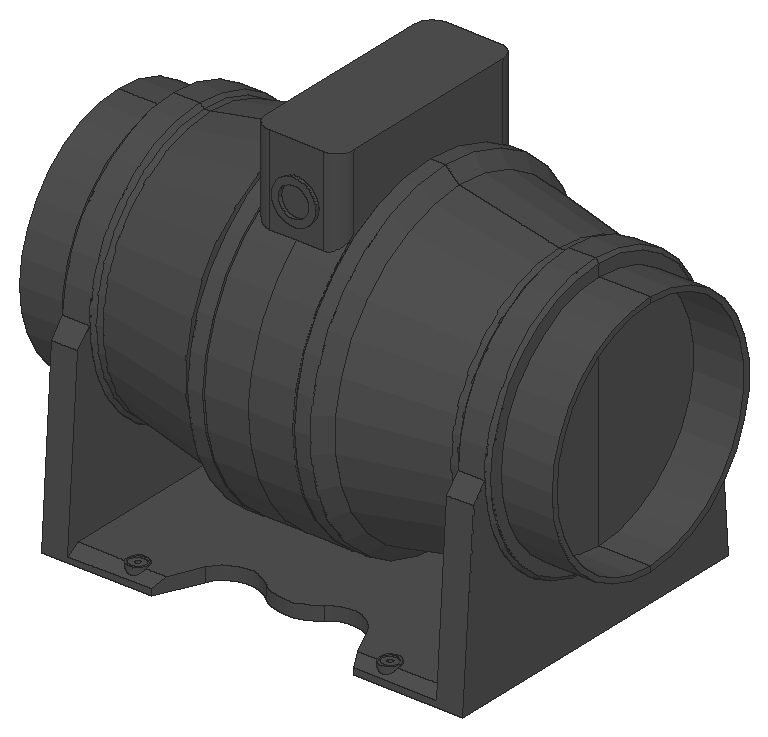
Revit family "Reece_Accessory_Kado_Lux_HiFlow_LED Inline Exhaust System_Square_Inline Exhaust Fan", category Mechanical Equipment, Revit 2018
Family settings
  Round Connector Dimension = Use Diameter
  Classification = None
  Part Type = Normal
  Work Plane-Based = Yes
  Always vertical = No
  Cut with Voids When Loaded = No
  Shared = Yes
  Room Calculation Point = Yes
Parameters (values of type "270 mm x 270 mm_Matte Black")
  URL = "https://www.reece.com.au/product/-2020369"
  Type Comments = "Accessory"
  Reece_Product_Web Page = "https://www.reece.com.au/product/-2020369"
  Reece_Product_Type = "Accessory"  # constant formula
  Reece_Product_Sub Brand = "Lux"  # constant formula
  Reece_Product_Number = "2020369 (2of3)"
  Reece_Product_Mount = "Ceiling Mounted"  # constant formula
  Reece_Product_Description = "Kado Lux HiFlow LED Inline Exhaust System Square Matte Black"
  Reece_Product_Brand = "Kado"  # constant formula
  Reece_Overall_Width = 195 mm  # constant formula
  Reece_Overall_Length = 314 mm  # constant formula
  Reece_Overall_Height = 247 mm  # constant formula
  Reece_Mechanical_Max Airflow [instance] = if(Reece_Mechanical_Airflow < Min Flow, Min Flow, if(Reece_Mechanical_Airflow > Max Flow, Max Flow, Reece_Mechanical_Airflow))  # 561.0 m³/h
  Reece_Mechanical_Duct_Diameter = 150 mm  # constant formula
  Reece_Mechanical_Airflow [instance] = 561.0 m³/h
  Reece_Material_Main = Reece_Plastic_ABS_Black
  Reece_Height_From_Level [instance] = 2500 mm
  Reece_Electrical_Voltage_Min = 220 V  # constant formula
  Reece_Electrical_Voltage_Max = 240 V  # constant formula
  Reece_Electrical_Voltage = 240 V  # constant formula
  Reece_Electrical_Frequency = 50 Hz  # constant formula
  Reece_Electrical_Fan Power_Wattage = 50 W  # constant formula
  Reece_Detail_Note = "Electrical input required. Refer to web page for further details."  # constant formula
  Reece_Detail_Installation = "LED Inline Exhaust System"  # constant formula
  Reece_Detail_Connector = "Plug in (Plug & Lead included)"  # constant formula
  Reece_Detail_Additional = "HiFlow"  # constant formula
  Model = "Lux"
  Min Flow = 438.0 m³/h  # constant formula
  Max Flow = 561.0 m³/h  # constant formula
  Manufacturer = "Kado"
  Keynote = "Product #2020369 (2of3), Reece_Accessory_Kado_Lux_HiFlow_LED Inline Exhaust System_Square_Inline Exhaust Fan - Matte Black"
  Disclaimer = "THIS FILE IS THE PROPERTY OF THE REECE GROUP. IT MAY NOT BE REPRODUCED, REVERSE-ENGINEERED OR MODIFIED. ANY REPUBLICATION, TRANSMISSION OR DISTRIBUTION FOR THE PURPOSE OF COMMERCIALLY EXPLOITING THE FILES IS PROHIBITED."
  Description = "Kado Lux HiFlow LED Inline Exhaust System Square Matte Black"
  Default Elevation = 0 mm
Types (2, lengths in mm): name | URL | Reece_Product_Web Page | Reece_Product_Number | Reece_Product_Description | Keynote | Description
  270 mm x 270 mm_Matte Black | "https://www.reece.com.au/product/-2020369" | "https://www.reece.com.au/product/-2020369" | "2020369 (2of3)" | "Kado Lux HiFlow LED Inline Exhaust System Square Matte Black" | "Product #2020369 (2of3), Reece_Accessory_Kado_Lux_HiFlow_LED Inline Exhaust System_Square_Inline Exhaust Fan - Matte Black" | "Kado Lux HiFlow LED Inline Exhaust System Square Matte Black"
  270 mm x 270 mm_Matte White | "https://www.reece.com.au/product/-2020370" | "https://www.reece.com.au/product/-2020370" | "2020370 (2of3)" | "Kado Lux HiFlow LED Inline Exhaust System Square Matte White" | "Product #2020370 (2of3), Reece_Accessory_Kado_Lux_HiFlow_LED Inline Exhaust System_Square_Inline Exhaust Fan - Matte White" | "Kado Lux HiFlow LED Inline Exhaust System Square Matte White"
Reference planes
  plane 1 "Center (Front/Back)": y = 0
  plane 2 "Bottom Host Plane": z = 2500
  plane 3 "Center (Left/Right)": x = 0
  plane 4: z = 2747
  plane 5: x = 157
  plane 6: x = -157
  plane 7: x = 126.5
  plane 8: x = -126.5
  plane 9: y = -72.5
  plane 10: y = 72.5
  plane 11: y = 97.5
  plane 12: y = -97.5
  plane 13: z = 2691
  plane 14: z = 2546
  plane 15: z = 0
  plane 16: y = 89
  plane 17: y = -89
Text (mm)
  text "Reece ©" at (2302.712, -1473.647, 4240.454), in view "Reece Preview"
  text "Reece Copyright © 2018, Reece Ltd." at (294.551, -148.536, 0), in view "Ref. Level"
Dimensions and locks
  "Reece_Overall_Height": plane 4 to plane 2 "Bottom Host Plane"
  plane 5 to plane 6 = 314 mm
  plane 7 to plane 8 = 253 mm
  "Reece_Overall_Width": plane 12 to plane 11
  "Reece_Overall_Length": plane 6 to plane 5
  plane 8 to plane 7 = 253 mm
  locked: plane 13 to plane 14 at 145
  "Reece_Height_From_Level": plane 2 "Bottom Host Plane" to level
  nested 1 to nested 1 = 149 mm
  locked: plane 16 to plane 17 at 178
  locked: plane 2 "Bottom Host Plane" to plane 14 at 46
Nested families
  nested 1: "Reece_Inline Exhaust Fan" at (0, 0, 2500), Reece_Material_Main <- "Reece_Material_Main", type "Reece_Inline Exhaust Fan"
    with Reece_Material_Main Reece_Plastic_ABS_Black
Connectors
  hvac at (-126.5, 0, 2618.5), driven by "Reece_Mechanical_Duct_Diameter", driven by "Reece_Mechanical_Max Airflow"
    settings: on nested 1, index 8, duct flow 561.0 m³/h, flow factor 0, pres drop 0.0 Pa, loss coef 0, conn angle 0.00°, conn width 304.8 mm, conn height 304.8 mm, conn diameter 150 mm, duct sys type 3, conn prof type 0, flow config 0, flow direction 1, loss method 0, conn ref index -1, conn util no, is conn primary yes, conn desc "In"
  electrical at (0, -65, 2715.417), driven by "Reece_Electrical_Voltage"
    settings: on nested 1, index 9, voltage 240 V, apparent load 0 VA, apparent load phase1 0 VA, apparent load phase2 0 VA, apparent load phase3 0 VA, power factor 1, load classification "HVAC", number of poles 1, system type 30, power factor state 1, is connector primary yes, connector utility no, sub classification motor no, connector description ""
  hvac at (126.5, 0, 2618.5), driven by "Reece_Mechanical_Duct_Diameter", driven by "Reece_Mechanical_Max Airflow"
    settings: on nested 1, index 10, duct flow 561.0 m³/h, flow factor 0, pres drop 0.0 Pa, loss coef 0, conn angle 0.00°, conn width 304.8 mm, conn height 304.8 mm, conn diameter 150 mm, duct sys type 3, conn prof type 0, flow config 1, flow direction 2, loss method 0, conn ref index -1, conn util no, is conn primary no, conn desc "Out"
Definition of nested family "Reece_Inline Exhaust Fan"
  Parameters (values of type "Inline Exhaust Fan")
    URL = ""
    Type Comments = ""
    Reece_Material_Main [instance] = none
    Model = ""
    Manufacturer = ""
    Keynote = ""
    Description = ""
    Default Elevation = 0 mm
    Cost = 0
    Assembly Code = ""
  Reference planes
    plane 1 "Center (Front/Back)": y = 0
    plane 2 "Bottom Host Plane": z = 0
    plane 3 "Center (Left/Right)": x = 0
    plane 4: z = 247
    plane 5: x = 157
    plane 6: x = -157
    plane 7: x = 126.5
    plane 8: x = -126.5
    plane 9: y = -72.5
    plane 10: y = 72.5
    plane 11: y = 97.5
    plane 12: y = -97.5
    plane 13: z = 191
    plane 14: z = 46
    plane 15: x = -74.5
    plane 16: x = 74.5
    plane 17: y = 89
    plane 18: y = -89
  Forms (mm)
    Revolve 1, solid, material <- "Reece_Material_Main"
      sketch origin (0, 0, 118.5) x (1, 0, 0) y (0, 0, 1)
        loop
          line (-157, 69.5) -> (-126.5, 69.5) -> (-126.5, 0) -> (126.5, 0) -> (126.5, 69.5) -> (157, 69.5) -> (157, 72.5) -> (126.5, 72.5) -> (126.5, 79.5) -> (124.379, 81.621) -> (108.879, 81.621) -> (106.757, 79.5) -> (102.757, 79.5) -> (44.069, 91.975) -> (36.047, 99.996) -> (26.997, 99.996) -> (26.997, 98.996) -> (25.997, 98.996) -> (25.997, 99.996) -> (0, 99.996) -> (-25.997, 99.996) -> (-25.997, 98.996) -> (-26.997, 98.996) -> (-26.997, 99.996) -> (-36.047, 99.996) -> (-44.069, 91.975) -> (-102.757, 79.5) -> (-106.757, 79.5) -> (-108.879, 81.621) -> (-124.379, 81.621) -> (-126.5, 79.5) -> (-126.5, 72.5) -> (-157, 72.5) -> (-157, 69.5)
        axis (157, 0) -> (-157, 0)
      angle from 0 to 360
    Extrusion 2, solid, material <- "Reece_Material_Main"
      sketch origin (0, 0, 0) x (1, 0, 0) y (0, 1, 0)
        loop
          arc (-15.997, 65) -> (-23.069, 62.071) -> (-25.997, 55) r 10
          line (-25.997, 55) -> (-25.997, -55)
          arc (-25.997, -55) -> (-23.069, -62.071) -> (-15.997, -65) r 10
          line (-15.997, -65) -> (15.997, -65)
          arc (15.997, -65) -> (23.069, -62.071) -> (25.997, -55) r 10
          line (25.997, -55) -> (25.997, 55)
          arc (25.997, 55) -> (23.069, 62.071) -> (15.997, 65) r 10
          line (15.997, 65) -> (-15.997, 65)
      from 150 to 247
    Extrusion 3, solid, material <- "Reece_Material_Main"
      sketch origin (0, 0, 121.875) x (1, 0, 0) y (0, 0, 1)
        loop
          circle (0, 93.542) r 13
        loop
          circle (0, 93.542) r 9
      from 65 to 67
    Extrusion 4, solid, material <- "Reece_Material_Main"
      sketch origin (0, 0, 0) x (0, 1, 0) y (0, 0, -1)
        loop
          line (0, 0) -> (-97.5, 0) -> (-89.904, -108.629) -> (-81.621, -118.5)
          arc (-81.621, -118.5) -> (-57.715, -60.785) -> (0, -36.879) r 81.621
          arc (0, -36.879) -> (57.715, -60.785) -> (81.621, -118.5) r 81.621
          line (81.621, -118.5) -> (89.904, -108.629) -> (97.5, 0) -> (0, 0)
      from 108.879 to 124.379
    Extrusion 5, solid, material <- "Reece_Material_Main"
      sketch origin (0, 0, -115) x (0, 1, 0) y (0, 0, 1)
        loop
          line (-97.5, 115) -> (97.5, 115) -> (97.275, 118.216) -> (90.442, 123) -> (-90.442, 123) -> (-97.275, 118.216) -> (-97.5, 115)
      from -115 to 115
    Extrusion 6, solid, material <- "Reece_Material_Main"
      sketch origin (0, 0, 0) x (0, 1, 0) y (0, 0, 1)
        loop
          line (0, 0) -> (97.5, 0) -> (89.904, 108.629) -> (81.621, 118.5)
          arc (81.621, 118.5) -> (57.715, 60.785) -> (0, 36.879) r 81.621
          arc (0, 36.879) -> (-57.715, 60.785) -> (-81.621, 118.5) r 81.621
          line (-81.621, 118.5) -> (-89.904, 108.629) -> (-97.5, 0) -> (0, 0)
      from 108.879 to 124.379
    Extrusion 7, solid, material <- "Reece_Material_Main"
      sketch origin (0, 0, 0) x (1, 0, 0) y (0, 1, 0)
        loop
          circle (-74.5, 89) r 6
        loop
          circle (74.5, 89) r 6
        loop
          circle (-74.5, -89) r 6
        loop
          circle (74.5, -89) r 6
      from 0 to 9
    Extrusion 8, void
      sketch origin (0, 0, 0) x (1, 0, 0) y (0, 1, 0)
        loop
          arc (-69.5, 89) -> (-74.5, 94.048) -> (-79.5, 89) r 5
          arc (-79.5, 89) -> (-74.5, 84.048) -> (-69.5, 89) r 5
        loop
          arc (79.5, 89) -> (74.5, 94.048) -> (69.5, 89) r 5
          arc (69.5, 89) -> (74.5, 84.048) -> (79.5, 89) r 5
        loop
          arc (-69.5, -89) -> (-74.5, -84.048) -> (-79.5, -89) r 5
          arc (-79.5, -89) -> (-74.5, -94.048) -> (-69.5, -89) r 5
        loop
          arc (79.5, -89) -> (74.5, -84.048) -> (69.5, -89) r 5
          arc (69.5, -89) -> (74.5, -94.048) -> (79.5, -89) r 5
      from 8.5 to 10
    Extrusion 9, void
      sketch origin (0, 0, 0) x (1, 0, 0) y (0, 1, 0)
        loop
          line (-59.605, 97.5) -> (-47.947, 72.5)
          arc (-47.947, 72.5) -> (-34.184, 61.674) -> (-17.304, 66.333) r 19.412
          arc (-17.304, 66.333) -> (0, 73.018) -> (17.304, 66.333) r 25.739
          arc (17.304, 66.333) -> (34.184, 61.674) -> (47.947, 72.5) r 19.412
          line (47.947, 72.5) -> (59.605, 97.5) -> (-59.605, 97.5)
        loop
          line (-59.605, -97.5) -> (59.605, -97.5) -> (47.947, -72.5)
          arc (47.947, -72.5) -> (34.184, -61.674) -> (17.304, -66.333) r 19.412
          arc (17.304, -66.333) -> (0, -73.018) -> (-17.304, -66.333) r 25.739
          arc (-17.304, -66.333) -> (-34.184, -61.674) -> (-47.947, -72.5) r 19.412
          line (-47.947, -72.5) -> (-59.605, -97.5)
      from 0 to 20
    Extrusion 10, void
      sketch origin (0, 0, 0) x (1, 0, 0) y (0, 1, 0)
        loop
          circle (-74.5, 89) r 1.5
        loop
          circle (74.5, 89) r 1.5
        loop
          circle (-74.5, -89) r 1.5
        loop
          circle (74.5, -89) r 1.5
      from 6 to 10
  Cuts and joins
    joined: Revolve 1, Extrusion 2
    Extrusion 10 cuts Extrusion 4
    Extrusion 9, Extrusion 10 cuts Extrusion 5
    Extrusion 10 cuts Extrusion 6
    Extrusion 8, Extrusion 10 cuts Extrusion 7
    joined: Extrusion 4, Extrusion 5, Extrusion 6, Extrusion 7
  Text (mm)
    text "Reece ©" at (2896.565, -2451.276, 2668.971), in view "Reece Preview"
    text "Reece Copyright © 2018, Reece Ltd." at (294.551, -148.536, 0), in view "Ref. Level"
  Dimensions and locks
    locked: plane 4 to plane 2 "Bottom Host Plane" at 247
    plane 5 to plane 6 = 314 mm
    plane 7 to plane 8 = 253 mm
    plane 4 to plane 2 "Bottom Host Plane" = 247 mm
    plane 11 to plane 12 = 195 mm
    plane 10 to plane 9 = 145 mm
    plane 12 to plane 11 = 195 mm
    plane 6 to plane 5 = 314 mm
    plane 8 to plane 7 = 253 mm
    plane 13 to plane 14 = 145 mm
    plane 18 to plane 17 = 178 mm
